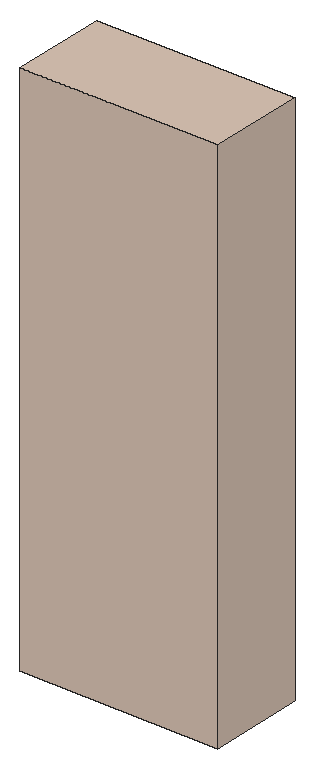
Revit family "Niche_NobleCompany_306", category Generic Models, host Wall, Revit 2018
Family settings
  Host = Wall
  Can host rebar = No
  Round Connector Dimension = Use Diameter
  Part Type = Normal
  Always vertical = Yes
  Cut with Voids When Loaded = No
  Shared = No
  Room Calculation Point = No
Parameters (values of type "306 Narrow Arch Combo")
  Width = 0' - 8 1/4"
  URL = "www.noblecompany.com"
  Tile Thickness [instance] = 0' - 0 1/4"
  Thickness = 0' - 1 1/8"
  Specification = ""
  Sales Information = "http://noblecompany.com/contact/"
  Revision = "R1_09-2016"
  Product Properties = "http://noblecompany.com/products/noble-niches"
  Product Data = "http://www.arcat.com/arcatcos/cos34/arc34489.html"
  Niche Material = Acrylic Polymer Finish
  Model = "306"
  Manufacturer Website = "www.noblecompany.com"
  Manufacturer Phone - Toll Free = "800-878-5788"
  Manufacturer Phone = "231-799-8000"
  Manufacturer Fax = "231-799-8850"
  Manufacturer Address = "P. O. Box 350, Grand Haven, MI 49417-0350"
  Manufacturer = "Noble Company"
  Keynote = "10 28 00"
  Installation-Fabrication = "http://noblecompany.com/storage/docs/resources/NN062016-13_Noble_Niche_Installation_Instruction.pdf"
  Instal Height [instance] = 5' - 0"
  Height = 1' - 10 1/2"
  Drawn By = "Sumex Design - Robert S Weygant"
  Description = "306 Narrow Arch Combo Niche"
  Depth = 0' - 4"
  Copyright = "� 2016 ARCAT Inc."
  Construction Details = ""
  Assembly Code = "D2010700"
Reference planes (in)
  plane 1: y = 0
  plane 2 "Center (Left/Right)": x = 0
  plane 3 "Wall Edge": y = 3
  plane 4: x = -4.125
  plane 5: y = 2.75
  plane 6: y = -1.25
  plane 7: x = 4.125
  plane 8: z = 60
  plane 9: z = 37.5
  plane 10: x = -3
  plane 11: x = 3
  plane 12: y = -0.75
  plane 13: z = 38.75
  plane 14: z = 58.75
Forms (in)
  Extrusion 1, void
    sketch origin (0, 0, 0) x (1, 0, 0) y (0, 1, 0)
      loop
        line (-4.125, 2.75) -> (-4.125, -1.25) -> (4.125, -1.25) -> (4.125, 2.75) -> (-4.125, 2.75)
    from 37.5 to 60
  Extrusion 2, solid, material "Acrylic Polymer Finish" <- "Niche Material"
    sketch origin (0, 0, 0) x (1, 0, 0) y (0, 1, 0)
      loop
        line (-4.125, 2.75) -> (-4.125, -1.25) -> (4.125, -1.25) -> (4.125, 2.75) -> (-4.125, 2.75)
    from 37.5 to 60
  Extrusion 3, void
    sketch origin (0, 3, 0) x (1, 0, 0) y (0, 0, 1)
      loop
        line (3, 38.75) -> (3, 44.75) -> (-3, 44.75) -> (-3, 38.75) -> (3, 38.75)
      loop
        line (-3, 56.5) -> (-3, 46.5) -> (3, 46.5) -> (3, 56.5)
        arc (3, 56.5) -> (0, 58.75) -> (-3, 56.5) r 3.125
    from 0 to 3.75
Cuts and joins
  Extrusion 3 cuts Extrusion 2
Text (in)
  text "Placement Side" at (0, 40.15149, 123.01588), in view "Right"
  text "Placement Side" at (-105.78919, 39.84311, 0), in view "Ref. Level"
  text "Placement Side" at (0, 81.62555, 140.59947), in view "Left"
Dimensions and locks (in)
  host wall to plane 3 "Wall Edge" = 0' - 0"
  equal spacing: plane 4, plane 2 "Center (Left/Right)", plane 7
  "Width": plane 4 to plane 7
  "Depth": plane 5 to plane 6
  "Height": plane 9 to plane 8
  "Instal Height": level to plane 8
  locked: plane 12 to plane 6 at 0.5
  locked: plane 4 to plane 10 at 1.125
  locked: plane 11 to plane 7 at 1.125
  plane 14 to plane 8 = 0' - 1 1/4"
  locked: plane 9 to plane 13 at 1.25
  host wall to plane 5 = 0' - 0 1/4"
  "Tile Thickness": plane 5 to plane 3 "Wall Edge"
  locked: plane 13 to Extrusion 3 sketch curve at 6
  Extrusion 3 sketch curve to Extrusion 3 sketch curve = 0' - 1 3/4"
  aligned and locked: Extrusion 1 sketch curve to plane 5
  aligned and locked: plane 4 to Extrusion 1 sketch curve
  aligned and locked: plane 6 to Extrusion 1 sketch curve
  aligned and locked: plane 7 to Extrusion 1 sketch curve
  aligned and locked: plane 8 to Extrusion 1
  aligned and locked: Extrusion 1 to plane 9
  aligned and locked: Extrusion 2 sketch curve to plane 5
  aligned and locked: plane 4 to Extrusion 2 sketch curve
  aligned and locked: plane 6 to Extrusion 2 sketch curve
  aligned and locked: plane 7 to Extrusion 2 sketch curve
  aligned and locked: plane 8 to Extrusion 2
  aligned and locked: Extrusion 2 to plane 9
  aligned and locked: plane 11 to Extrusion 3 sketch curve
  aligned and locked: plane 10 to Extrusion 3 sketch curve
  aligned and locked: Extrusion 3 to plane 12
  aligned and locked: Extrusion 3 sketch curve to plane 13
  aligned and locked: Extrusion 3 to plane 3 "Wall Edge"
  aligned and locked: plane 3 "Wall Edge" to host wall
  aligned and locked: Extrusion 3 sketch curve to plane 11
  aligned and locked: Extrusion 3 sketch curve to plane 10
Automatic sketch dimensions
  Extrusion 3 sketch curve to plane 2 "Center (Left/Right)" = 0' - 0"
  Extrusion 3 sketch curve to plane 14 = 0' - 3 1/8"
  Extrusion 3 sketch curve to plane 14 = 0' - 2 1/4"
